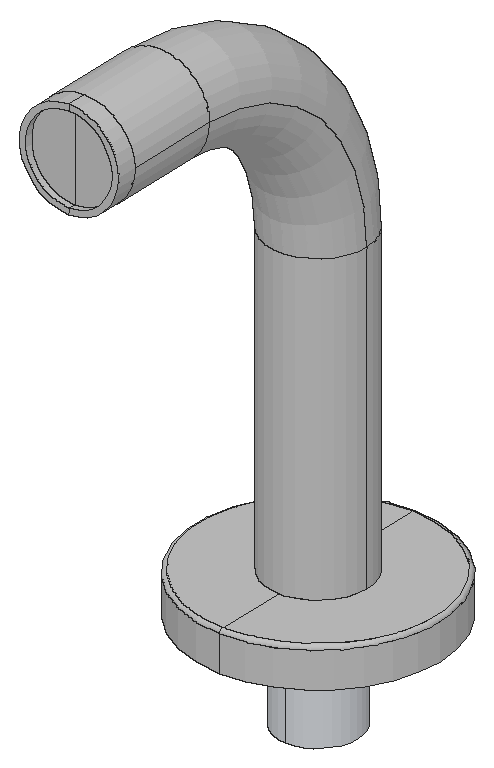
Revit family "Reece_Tap_Milli_Inox_Outlet_Foot Wash_138 mm", category Plumbing Fixtures, host Face, Revit 2018
Family settings
  Host = Face
  Round Connector Dimension = Use Diameter
  Part Type = Normal
  Cut with Voids When Loaded = No
  Shared = Yes
  Room Calculation Point = Yes
Parameters (values of type "Brushed Stainless Steel")
  Waste Connection = no
  WFU = 0  # constant formula
  Vent Connection = no
  URL = "https://www.reece.com.au/product/-2252108"
  Type Comments = "Tap"
  Reece_Tap_Inlet = 12 mm  # constant formula
  Reece_Tap_Clearance = 138 mm  # constant formula
  Reece_Product_Web Page = "https://www.reece.com.au/product/-2252108"
  Reece_Product_Type = "Tap"  # constant formula
  Reece_Product_Sub Brand = "Inox"  # constant formula
  Reece_Product_Number = "2252108"
  Reece_Product_Mount = "Wall Mounted"
  Reece_Product_Description = "Milli Inox Foot Wash Stainless Steel (5 Star)"
  Reece_Product_Brand = "Milli"  # constant formula
  Reece_Overall_Projection = 150 mm  # constant formula
  Reece_Overall_Height = 10 mm  # constant formula
  Reece_Overall_Diameter = 62 mm  # constant formula
  Reece_Material_Main = Reece_Brass_Brushed Stainless Steel
  Reece_Detail_Shape = ""
  Reece_Detail_Disclaimer = "THIS FILE IS THE PROPERTY OF THE REECE GROUP. IT MAY NOT BE REPRODUCED, REVERSE-ENGINEERED OR MODIFIED. ANY REPUBLICATION, TRANSMISSION OR DISTRIBUTION FOR THE PURPOSE OF COMMERCIALLY EXPLOITING THE FILES IS PROHIBITED."  # constant formula
  Reece_Detail_Additional = "Foot Wash"  # constant formula
  Model = "Inox"
  Manufacturer = "Milli"
  Keynote = "Product #2252108, Reece_Tap_Milli_Inox_Outlet_Foot Wash_138 mm - Brushed Stainless Steel"
  HWFU = 0  # constant formula
  HW Connection = no
  Disclaimer = "THIS FILE IS THE PROPERTY OF THE REECE GROUP. IT MAY NOT BE REPRODUCED, REVERSE-ENGINEERED OR MODIFIED. ANY REPUBLICATION, TRANSMISSION OR DISTRIBUTION FOR THE PURPOSE OF COMMERCIALLY EXPLOITING THE FILES IS PROHIBITED."  # constant formula
  Description = "Milli Inox Foot Wash Stainless Steel (5 Star)"
  Default Elevation = 1000 mm
  CWFU = 0  # constant formula
  CW Connection = no
Types (2, lengths in mm): name | Keynote
  (no name) | "Product #2252108, Reece_Tap_Milli_Inox_Outlet_Foot Wash_138 mm -  "
  Brushed Stainless Steel | "Product #2252108, Reece_Tap_Milli_Inox_Outlet_Foot Wash_138 mm - Brushed Stainless Steel"
Reference planes
  plane 1 "Center (Front/Back)": y = 0
  plane 2 "Bottom": z = 0
  plane 3 "Center (Left/Right)": x = 0
  plane 4: z = 138
  plane 5: x = -31
  plane 6: x = 31
  plane 7: z = 150
Forms (mm)
  Sweep 1, solid, material "Reece_Brass_Brushed Stainless Steel" <- "Reece_Material_Main"
    path origin (0, 0, 0.328) x (0, 1, 0) y (0, 0, 1)
      loop
        line (-73.675, 137.172) -> (-50, 137.172)
        arc (-50, 137.172) -> (-14.645, 122.527) -> (0, 87.172) r 50
        line (0, 87.172) -> (0, 0)
    profile origin (0, -61.837, 137.5) x (0, 0, 1) y (1, 0, 0)
      loop
        circle (0, 0) r 12.5
  Revolve 2, solid, material "Reece_Brass_Brushed Stainless Steel" <- "Reece_Material_Main"
    sketch origin (0, 0, 0.328) x (0, 1, 0) y (0, 0, 1)
      loop
        line (-73.675, 137.172) -> (-73.675, 149.672) -> (-78.675, 149.672) -> (-78.675, 148.136) -> (-77.049, 148.136) -> (-77.049, 137.172) -> (-73.675, 137.172)
      axis (-78.675, 137.172) -> (-73.675, 137.172)
    angle from 0 to 360
  Revolve 3, solid
    sketch origin (0, 0, 0) x (0, 1, 0) y (0, 0, 1)
      loop
        line (0, 5) -> (-10, 5) -> (-10, -25) -> (0, -25) -> (0, 5)
      axis (0, 5) -> (0, -25)
    angle from 0 to 360
  Revolve 4, void
    sketch origin (0, 0, 0) x (0, 1, 0) y (0, 0, 1)
      loop
        line (0, -21.844) -> (0, 10) -> (-12.5, 10) -> (-12.5, -21.844) -> (0, -21.844)
      axis (0, 10) -> (0, -21.844)
    angle from 0 to 360
  Revolve 5, solid, material "Reece_Brass_Brushed Stainless Steel" <- "Reece_Material_Main"
    sketch origin (0, 0, 0) x (0, 1, 0) y (0, 0, 1)
      loop
        line (0, 0) -> (0, 10) -> (-30, 10)
        arc (-30, 10) -> (-30.707, 9.707) -> (-31, 9) r 1
        line (-31, 9) -> (-31, 0) -> (0, 0)
      axis (0, 10) -> (0, 0)
    angle from 0 to 360
Cuts and joins
  Revolve 4 cuts Sweep 1
  Revolve 4 cuts Revolve 2
  joined: Sweep 1, Revolve 2, Revolve 5
Text (mm)
  text "Reece Copyright © 2018, Reece Ltd." at (-200.363, -189.137, 0), in view "Ref. Level"
  text "Reece ©" at (44.384, 258.95, 192.345), in view "Reece Preview"
Dimensions and locks
  "Reece_Tap_Clearance": plane 4 to plane 2 "Bottom"
  plane 7 to plane 2 "Bottom" = 150 mm
  cut or joined group of Sweep 1, Revolve 2, Revolve 4, Revolve 5 to cut or joined group of Sweep 1, Revolve 2, Revolve 4, Revolve 5 = 150 mm
  "Reece_Tap_Clearance": cut or joined group of Sweep 1, Revolve 2, Revolve 4, Revolve 5 to plane 4
  "Reece_Overall_Diameter": plane 5 to plane 6
  "Reece_Overall_Projection": plane 7 to cut or joined group of Sweep 1, Revolve 2, Revolve 4, Revolve 5
  cut or joined group of Sweep 1, Revolve 2, Revolve 4, Revolve 5 to cut or joined group of Sweep 1, Revolve 2, Revolve 4, Revolve 5 = 91.175 mm
  aligned and locked: plane 2 "Bottom" to host face
  aligned and locked: level to host face
Automatic sketch dimensions
  host sketch curve to host sketch curve = 380.785 mm
  host sketch curve to host sketch curve = 317.421 mm
  level to Sweep 1 sketch curve = 0.328 mm
  Sweep 1 sketch curve to plane 1 "Center (Front/Back)" = 0 mm
  Sweep 1 sketch curve to plane 4 = 0.5 mm
  Sweep 1 sketch curve to plane 3 "Center (Left/Right)" = 0 mm
  Sweep 1 sketch curve to profile plane = 0 mm
  Revolve 2 sketch curve to Revolve 2 sketch curve = 3.374 mm
  Revolve 2 sketch curve to plane 4 = 0.5 mm  (x2)
  Revolve 2 sketch curve to Revolve 2 sketch curve = 6.356 mm
  Revolve 3 sketch curve to plane 1 "Center (Front/Back)" = 0 mm  (x2)
  level to Revolve 3 sketch curve = 5 mm
  plane 1 "Center (Front/Back)" to Revolve 3 sketch curve = 10 mm
  Revolve 3 sketch curve to level = 25 mm
  Revolve 3 sketch curve to Revolve 3 sketch curve = 20 mm
  Revolve 3 sketch curve to Revolve 3 sketch curve = 0 mm
  Revolve 4 sketch curve to plane 1 "Center (Front/Back)" = 0 mm  (x2)
  plane 1 "Center (Front/Back)" to Revolve 4 sketch curve = 12.5 mm
  Revolve 4 sketch curve to level = 21.844 mm
  level to Revolve 4 sketch curve = 10 mm
  Revolve 4 sketch curve to Revolve 4 sketch curve = 15.442 mm
  Revolve 4 sketch curve to Revolve 4 sketch curve = 0 mm
  plane 1 "Center (Front/Back)" to Sweep 1 sketch curve = 50 mm
  Sweep 1 sketch curve to Sweep 1 sketch curve = 23.675 mm
  plane 1 "Center (Front/Back)" to Revolve 2 sketch curve = 78.675 mm
  Revolve 2 sketch curve to Revolve 2 sketch curve = 1.626 mm  (x2)
  level to Revolve 5 sketch curve = 0 mm
  Revolve 5 sketch curve to plane 1 "Center (Front/Back)" = 0 mm  (x2)
  level to Revolve 5 sketch curve = 9 mm
  plane 1 "Center (Front/Back)" to Revolve 5 sketch curve = 30 mm
  Revolve 5 sketch curve to Revolve 5 sketch curve = 1 mm
  Revolve 5 sketch curve to level = 6.976 mm
  Revolve 5 sketch curve to Revolve 5 sketch curve = 0 mm
  plane 4 to Revolve 2 sketch curve = 10.464 mm
  Revolve 2 sketch curve to Revolve 2 sketch curve = 1.536 mm
  radius of Sweep 1 sketch curve = 12.5 mm
Connectors
  piping at (0, 0, -25), diameter 12, driven by "Reece_Tap_Inlet"
    settings: on Revolve 3, index 1, connector inside diameter 609.6 mm, connector length 0 mm, flow factor 0, pipe flow 0.0 L/s, pressure drop 0.0 Pa, fitting loss kfactor 0, connector angle 0.00°, fixture units 0, engagement length 0 mm, angle of deflection 0.00°, flow configuration 0, flow direction 1, fitting loss method 0, system type 29, joint type 0, gender type 0, connector reference index -1, connector utility 0, adjustable connector no, is connector primary yes, connector description ""
